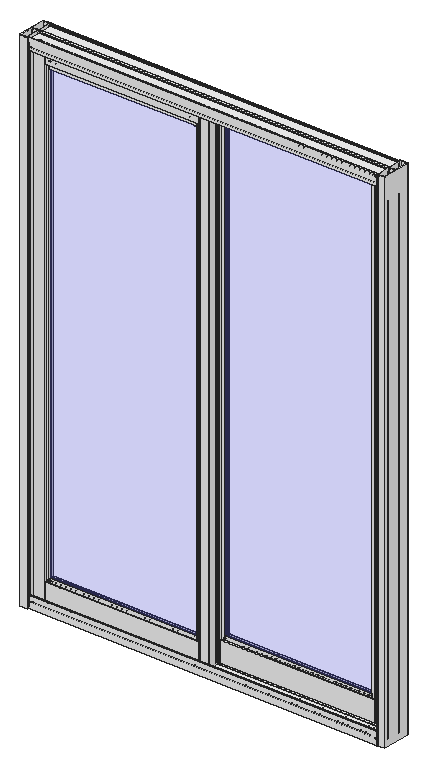
Revit family "Palace_Multi_XO_Custom", category Doors, host Wall, Revit 2014
Parameters (values of type "Palace-XO-Custom")
  Windload Design = if(Custom Windload < 1001 mm, 1000 mm, if(Custom Windload < 1501 mm, 1500 mm, 2000 mm))  # 1000 mm
  Width Sash Right [instance] = 758 mm
  Width Sash Left [instance] = 732 mm
  Width = if(Custom Door Width < Limit Door Width Min, Limit Door Width Min, if(Custom Door Width > Limit Door Width Max, Limit Door Width Max, Custom Door Width))  # 1490 mm
  Wall Thickness [instance] = 200 mm
  URL = "http://www.crealco.co.za/crealco-products.php"
  Model = "Palace"  # constant formula
  Manufacturer = "Crealco"  # constant formula
  Description = "High performance sliding door, XO custom"  # constant formula
  Custom U Value [instance] = 0
  Custom SHGC Value [instance] = 0
  Thickness = 758 mm
  Thermal Resistance (R) [instance] = if(and(Custom U Value > 0.5678, 1 / Custom U Value < 36.9087), Custom U Value, if(not(Custom U Value > 0.5678), 1 / 0.5679, 1 / 36.9086)) * 1.0000 (m²·K)/W  # 1.76087 (m²·K)/W
  Solar Heat Gain Coefficient [instance] = if(and(not(Custom SHGC Value < 0), not(Custom SHGC Value > 1)), Custom SHGC Value, if(Custom U Value < 0, 0, 1))  # 0
  Single Glazing [instance] = not(Double Glazing)  # yes
  Sash Width Right = (Width - (2 * Sash Side Gap) - Sash Width Left) + Sash Interlocker Width  # 732 mm
  Sash Width Left = if(Equal Sash Width, ((Width - (2 * Sash Side Gap)) / 2) + (Sash Interlocker Width / 2), if(Custom Sash Width Left < Limit Sash Width Left Min, Limit Sash Width Left Min, if(Custom Sash Width Left > Limit Sash Width Left Max, Limit Sash Width Left Max, Custom Sash Width Left)))  # 732 mm
  Sash Interlocker Width = 40 mm  # constant formula
  Sash Height = Height - Sash Top Gap - Sash Bottom Gap  # 2031 mm
  Sash Top Gap = 28 mm  # constant formula
  Sash Side Gap = 33 mm  # constant formula
  Sash Frame Seal = 2.7 mm  # constant formula
  Sash Bottom Gap = 31 mm  # constant formula
  Rough Width = 2.5 mm
  Overall Width [instance] = 1490 mm
  Overall Height [instance] = 2090 mm
  Max System DG Unit Thickness = 25 mm  # constant formula
  Max System DG One Piece Thickness = rounddown((Max System DG Unit Thickness - DG Air Gap Thickness) / 2 mm) * 1 mm  # 6 mm
  Max Pane Area = if(Area Right Sash Glazing > Area Left Sash Glazing, Area Right Sash Glazing, Area Left Sash Glazing)  # 1.17309 m²
  Limit Door Width Min = (2 * Limit Sash Width Min) + (2 * Sash Side Gap) - Sash Interlocker Width  # 626 mm
  Limit Door Width Max = 2990 mm  # constant formula
  Limit Door Height Min = Limit Sash Height Min + Sash Bottom Gap + Sash Top Gap  # 359 mm
  Limit Door Height Max = 2390 mm  # constant formula
  Limit Sash Width Min = 300 mm  # constant formula
  Limit Sash Width Max = 1500 mm  # constant formula
  Limit Sash Width Left Min = if(Width - (2 * Sash Side Gap) - Limit Sash Width Max + Sash Interlocker Width < Limit Sash Width Min, Limit Sash Width Min, Width - (2 * Sash Side Gap) - Limit Sash Width Max + Sash Interlocker Width)  # 300 mm
  Limit Sash Width Left Max = if(Width - (2 * Sash Side Gap) - Limit Sash Width Min + Sash Interlocker Width > Limit Sash Width Max, Limit Sash Width Max, Width - (2 * Sash Side Gap) - Limit Sash Width Min + Sash Interlocker Width)  # 1164 mm
  Limit Sash Height Min = 300 mm  # constant formula
  Limit Sash Height Max = 2400 mm  # constant formula
  Interlock Configuration = if(Windload Design = 1000 mm, if(and(not(Width > 1790 mm), not(Height > 2090 mm)), 0 mm, 1 mm), if(Windload Design = 1500 mm, 1 mm, 1 mm))  # 0 mm
  IGDB or SAGDB Number [instance] = 0
  Height Sash [instance] = 2031 mm
  Height = if(Custom Door Height < Limit Door Height Min, Limit Door Height Min, if(Custom Door Height > Limit Door Height Max, Limit Door Height Max, Custom Door Height))  # 2090 mm
  Heat Transfer Coefficient (U) [instance] = if(and(Custom U Value > 0.5678, Custom U Value < 36.9087), Custom U Value, if(not(Custom U Value > 0.5678), 0.5679, 36.9086)) * 1.0000 W/(m²·K)  # 0.5679 W/(m²·K)
  Glazing Thickness DG [instance] = if(IGDB or SAGDB Number = 105003, 6 mm, if(IGDB or SAGDB Number = 105004, 7 mm, if(DG Thickness Calc > Max System DG One Piece Thickness, Max System DG One Piece Thickness, DG Thickness Calc)))  # 6 mm
  Glazing Thickness SG [instance] = if(IGDB or SAGDB Number = 1000016, 5 mm, if(IGDB or SAGDB Number = 100100, 6 mm, if(IGDB or SAGDB Number = 103200, 7 mm, if(not(Max Pane Area > 0.75 m²), 4 mm, if(not(Max Pane Area > 1.50 m²), 4 mm, if(not(Max Pane Area > 2.10 m²), 5 mm, if(not(Max Pane Area > 2.90 m²), 6.4 mm, if(not(Max Pane Area > 4.30 m²), 8 mm, 10 mm))))))))  # 4 mm
  Glazing Material [instance] = if(IGDB or SAGDB Number = 1000016, "PFG TOUGHENED SAFETY GLASS 5mm", if(IGDB or SAGDB Number = 100100, "PFG INTRUDERPRUFE 6.38mm", if(IGDB or SAGDB Number = 103200, "PFG INTRUDERPRUFE LOW-E 7.38mm", if(IGDB or SAGDB Number = 105003, "PFG 25mm INTRUDERPRUFE INSULATED GLASS", if(IGDB or SAGDB Number = 105004, "PFG 25mm INTRUDERPRUFE INSULATED GLASS LOW-E", "Unknown")))))  # "Unknown"
  Glazing Finish [instance] = Glass
  Glazing Code [instance] = if(IGDB or SAGDB Number = 1000016, "TSG5", if(IGDB or SAGDB Number = 100100, "LAM01", if(IGDB or SAGDB Number = 103200, "LAM01E", if(IGDB or SAGDB Number = 105003, "IGU25", if(IGDB or SAGDB Number = 105004, "IGU25E", "Unknown")))))  # "Unknown"
  Frame Thickness = 118 mm  # constant formula
  Frame Offset From Exterior [instance] = if(Centered In Wall, (Wall Thickness - Frame Thickness) / 2, Custom Frame Offset From Exterior)  # 41 mm
  Equal Sash Width = yes
  Double Glazing Gasket Material = Double Glazing Gasket Material
  Double Glazing [instance] = no
  Default Sill Height = 0 mm  # constant formula
  Wall Closure = By host
  DG Thickness Calc = if(not(Max Pane Area > 1.125 m²), 6 mm, if(not(Max Pane Area > 2.25 m²), 6 mm, if(not(Max Pane Area > 3.15 m²), 6 mm, if(not(Max Pane Area > 4.35 m²), 6 mm, if(not(Max Pane Area > 6.45 m²), 8 mm, 10 mm)))))  # 6 mm
  DG Air Gap Thickness = 12 mm  # constant formula
  Custom Door Width = 1490 mm
  Custom Door Height = 2090 mm
  Custom Windload = 1000 mm
  Custom Sash Width Left = 600 mm
  Custom Frame Offset From Exterior = 0 mm
  Centered In Wall = yes
  Area Right Sash Glazing = (Sash Width Right - 65 mm - 45 mm) * (Sash Height - 90 mm - 55 mm)  # 1.17309 m²
  Area Left Sash Glazing = (Sash Width Left - 65 mm - 45 mm) * (Sash Height - 90 mm - 55 mm)  # 1.17309 m²
  Aluminium Finish [instance] = White Powder Coated Aluminium ANP 1052
  All Available Glazing Numbers [instance] = "The rows below list the available glazing materials for this window:"  # constant formula
  105004 [instance] = "IGU25E"  # constant formula
  105003 [instance] = "IGU25"  # constant formula
  103200 [instance] = "LAM01E"  # constant formula
  100100 [instance] = "LAM01"  # constant formula
  1000016 [instance] = "TSG5"  # constant formula
Reference planes
  plane 1 "Center (Front/Back)": y = 0
  plane 2 "Center (Left/Right)": x = 0
  plane 3 "Left": x = -745
  plane 4 "Right": x = 745
  plane 5 "Sill": z = 0
  plane 6 "Head": z = 2090
  plane 7 "Exterior": y = 100
  plane 8 "Interior": y = -100
Lines and regions (mm)
  Opening 1
    outline origin (3500, -100, 0) x (1, 0, 0) y (0, 0, 1)
      loop
        line (-2755, 0) -> (-2755, 2090) -> (-4245, 2090) -> (-4245, 0) -> (-2755, 0)
Text (mm)
  text "EXTERIOR" at (-1963.203, 1332.353, 0), in view "Ref. Level"
  text "INTERIOR" at (-1981.466, -818.386, 0), in view "Ref. Level"
  text "Exterior" at (0, 923.751, 2943.296), in view "Right"
  text "Exterior" at (0, 1040.484, 2685.409), in view "Left"
Dimensions and locks
  equal spacing: plane 3 "Left", plane 2 "Center (Left/Right)", plane 4 "Right"
  "Width": plane 3 "Left" to plane 4 "Right"
  "Height": plane 5 "Sill" to plane 6 "Head"
  "Default Sill Height": plane 5 "Sill" to level
  locked: plane 7 "Exterior" to host wall at 0
  locked: plane 8 "Interior" to host wall
  "Overall Height": plane 6 "Head" to plane 5 "Sill"
  "Overall Width": plane 3 "Left" to plane 4 "Right"
  "Frame Offset From Exterior": nested 1 to plane 7 "Exterior"
  "Sash Side Gap": plane 3 "Left" to nested 2
  "Sash Frame Seal": nested 2 to nested 1
  "Sash Top Gap": nested 2 to plane 6 "Head"
  "Sash Side Gap": nested 3 to plane 4 "Right"
  "Sash Frame Seal": nested 1 to nested 3
  "Sash Top Gap": nested 3 to plane 6 "Head"
  "Height Sash": nested 3 to nested 3
  "Width Sash Left": nested 3 to nested 3
  "Sash Width Right": nested 2 to nested 2
  aligned and locked: plane 6 "Head" to nested 1
  aligned and locked: plane 3 "Left" to nested 1
Automatic sketch dimensions
  plane 3 "Left" to Opening 1 sketch curve = 0 mm
  plane 4 "Right" to Opening 1 sketch curve = 0 mm
  Opening 1 sketch curve to plane 5 "Sill" = 0 mm
  Opening 1 sketch curve to plane 6 "Head" = 0 mm
Nested families
  nested 1: "Palace_Frame_Palace_XO_Cust" at (-753.868, -56.684, -7.5), Profile Material <- "Aluminium Finish", Width <- "Width", Height <- "Height", type "Palace_Frame_Palace_XO_Cust"
    with Width 1490 mm, Profile Material White Powder Coated Aluminium ANP 1052, Length Jamb Adaptor 1995 mm, Length Jamb 2090 mm, Length Head & Sill 1430 mm, Length Floor Track 1430 mm, Height 2090 mm
  nested 2: "Palace_Sash_Fixed_Palace_XO_Cust" at (20, -5.504, 31), Profile Material <- "Aluminium Finish", Glazing Material <- "Glazing Finish", Double Glazing Gasket Material <- "Double Glazing Gasket Material", Interlock Configuration <- "Interlock Configuration", Sash Width <- "Sash Width Right", Sash Height <- "Sash Height", Glazing Thickness DG <- "Glazing Thickness DG", Glazing Thickness SG <- "Glazing Thickness SG", DG Gasket Thickness <- "DG Air Gap Thickness", Double Glazing <- "Double Glazing", type "Palace_Sash_Fixed_Palace_XO_Cust"
    with Standard Interlocker yes, Single Glazing yes, Sash Width 732 mm, Sash Height 2031 mm, SG Exterior Offset 27.85 mm, Right Sliding no, Profile Material White Powder Coated Aluminium ANP 1052, Length Sash Head & Sill 632 mm, Length Jamb 2031 mm, Left Sliding no, Is Sliding no, Interlock Configuration 0 mm, Heavy Duty Interlock no, Glazing Width 622 mm, Glazing Thickness SG 4 mm, Glazing Thickness DG 6 mm, Glazing Material Glass, Glazing Height 1886 mm, Double Glazing Gasket Material Double Glazing Gasket Material, Double Glazing no, DG Gasket Thickness 12 mm, DG Exterior Offset 9.9 mm, Bead Width 632 mm, Bead Height 1896 mm
  nested 3: "Palace_Sash_Sliding_Palace_XO_Cust" at (-20, 49.5, 31) x (-1, 0, 0) z (0, 0, 1), Profile Material <- "Aluminium Finish", Glazing Material <- "Glazing Finish", Double Glazing Gasket Material <- "Double Glazing Gasket Material", Interlock Configuration <- "Interlock Configuration", Sash Width <- "Sash Width Left", Sash Height <- "Sash Height", Glazing Thickness DG <- "Glazing Thickness DG", Glazing Thickness SG <- "Glazing Thickness SG", DG Gasket Thickness <- "DG Air Gap Thickness", Double Glazing <- "Double Glazing", type "Palace_Sash_Sliding_Palace_XO_Cust"
    with Standard Interlocker yes, Single Glazing yes, Sash Width 732 mm, Sash Height 2031 mm, SG Exterior Offset 27.85 mm, Right Sliding yes, Profile Material White Powder Coated Aluminium ANP 1052, Length Sash Head & Sill 632 mm, Length Jamb & Interlocker 2031 mm, Left Sliding no, Is Sliding yes, Interlock Configuration 0 mm, Heavy Duty Interlock no, Glazing Width 622 mm, Glazing Thickness SG 4 mm, Glazing Thickness DG 6 mm, Glazing Material Glass, Glazing Height 1886 mm, Double Glazing Gasket Material Double Glazing Gasket Material, Double Glazing no, DG Gasket Thickness 12 mm, DG Exterior Offset 9.9 mm, Bead Width 632 mm, Bead Height 1896 mm
  nested 4: "Single_Glazing_Palace_XO_Cust" at (-647, -37.354, 121) x (-1, 0, 0) z (0, 0, 1), type "Single_Glazing_Palace_XO_Cust"
    with Right Sliding no, Length Arrow Tip 52.667 mm, Length Arrow 173.8 mm, Left Sliding no, Is Sliding no, Glazing Width 622 mm, Glazing Thickness SG 4 mm, Glazing Material Glass, Glazing Height 1886 mm, Double Glazing Gasket Material Double Glazing Gasket Material, Arrow Tip Length 52.667 mm, Arrow Left Gap 224.1 mm, Arrow Bottom Gap 943 mm
  nested 5: "Single_Glazing_Palace_XO_Cust" at (647, 17.65, 121), type "Single_Glazing_Palace_XO_Cust"
    with Right Sliding yes, Length Arrow Tip 52.667 mm, Length Arrow 173.8 mm, Left Sliding no, Is Sliding yes, Glazing Width 622 mm, Glazing Thickness SG 4 mm, Glazing Material Glass, Glazing Height 1886 mm, Double Glazing Gasket Material Double Glazing Gasket Material, Arrow Tip Length 52.667 mm, Arrow Left Gap 224.1 mm, Arrow Bottom Gap 943 mm
Definition of nested family "Palace_Frame_Palace_XO_Cust"
  Parameters (values of type "Palace_Frame_XO")
    Width [instance] = 900 mm
    Profile Material [instance] = none
    Length Jamb Adaptor [instance] = Height - Jamb Adaptor Top Gap - Jamb Adaptor Bottom Gap  # 505 mm
    Length Jamb [instance] = Height  # 600 mm
    Length Head & Sill [instance] = Width - (2 * Jamb Thickness)  # 840 mm
    Length Floor Track [instance] = Width - (2 * Jamb Thickness)  # 840 mm
    Jamb Thickness = 30 mm  # constant formula
    Jamb Adaptor Top Gap = 45 mm  # constant formula
    Jamb Adaptor Bottom Gap = 50 mm  # constant formula
    Height [instance] = 600 mm
  Reference planes
    plane 1 "Center (Front/Back)": y = 0
    plane 2: z = 0
    plane 3 "Center (Left/Right)": x = 0
  Dimensions and locks
    nested 7 to plane 3 "Center (Left/Right)" = 38.869 mm
    aligned and locked: level to plane 2
    aligned and locked: nested 6 to nested 2  (x2)
    aligned and locked: nested 5 to nested 1  (x2)
    aligned and locked: nested 3 to nested 1  (x2)
    aligned and locked: nested 2 to nested 3  (x2)
    aligned and locked: nested 3 to nested 2
    aligned and locked: nested 4 to nested 1  (x3)
    aligned and locked: nested 1 to nested 3
    aligned and locked: nested 7 to nested 3  (x2)
    aligned and locked: nested 3 to nested 8
    aligned and locked: nested 8 to nested 3  (x2)
    aligned and locked: nested 3 to nested 7
    aligned and locked: nested 5 to nested 4
    aligned and locked: nested 6 to nested 4
  Nested families
    nested 1: "Palace_Double_Box_Jamb" at (1.053, -8.811, 7.5), Length Jamb <- "Length Jamb", Profile Material <- "Profile Material", type "Palace_Double_Box_Jamb"
      with Profile Material none, Length Jamb 600 mm
    nested 2: "Palace_Double_Box_Jamb" at (916.684, -8.811, 7.5) x (-1, 0, 0) z (0, 0, 1), Length Jamb <- "Length Jamb", Profile Material <- "Profile Material", type "Palace_Double_Box_Jamb"
      with Profile Material none, Length Jamb 600 mm
    nested 3: "Palace_Double_Sill_Rail" at (38.869, -45.047, -36.227), Length Sill <- "Length Head & Sill", Profile Material <- "Profile Material", type "Palace_Double_Sill_Rail"
      with Profile Material none, Length Sill 840 mm
    nested 4: "Palace_Double_Head_Rail" at (38.869, -51.007, 18.108), Length Head <- "Length Head & Sill", Profile Material <- "Profile Material", type "Palace_Double_Head_Rail"
      with Profile Material none, Length Head 840 mm
    nested 5: "Palace_Jamb_Adpator" at (33.82, -10.517, 57.5), Length Jamb Adaptor <- "Length Jamb Adaptor", Profile Material <- "Profile Material", type "Palace_Jamb_Adpator"
      with Profile Material none, Length Jamb Adaptor 505 mm
    nested 6: "Palace_Jamb_Adpator" at (883.918, 44.483, 57.5) x (-1, 0, 0) z (0, 0, 1), Length Jamb Adaptor <- "Length Jamb Adaptor", Profile Material <- "Profile Material", type "Palace_Jamb_Adpator"
      with Profile Material none, Length Jamb Adaptor 505 mm
    nested 7: "Palace_Floor_Track" at (38.869, 11.493, 18.85), Profile Material <- "Profile Material", Length Floor Track <- "Length Floor Track", type "Palace_Floor_Track"
      with Profile Material none, Length Floor Track 840 mm
    nested 8: "Palace_Floor_Track" at (38.869, 101.375, 18.85), Profile Material <- "Profile Material", Length Floor Track <- "Length Floor Track", type "Palace_Floor_Track"
      with Profile Material none, Length Floor Track 840 mm
  Definition of nested family "Palace_Double_Box_Jamb"
    Parameters (values of type "Palace_Double_Box_Jamb")
      Profile Material [instance] = none
      Length Jamb [instance] = 250 mm
    Reference planes
      plane 1 "Center (Front/Back)": y = 0
      plane 2: z = 0
      plane 3 "Center (Left/Right)": x = 0
    Forms (mm)
      Extrusion 1, solid, material <- "Profile Material"
        sketch origin (0, 0, 0) x (1, 0, 0) y (0, 1, 0)
          loop
            line (35.815, 71.242) -> (35.815, 114.749)
            arc (35.815, 114.749) -> (35.945, 115.42) -> (36.315, 115.994) r 1.8
            line (36.315, 115.994) -> (36.315, 122.995) -> (9.315, 122.995) -> (9.315, 66.195) -> (36.315, 66.195) -> (36.315, 69.997)
            arc (36.315, 69.997) -> (35.945, 70.571) -> (35.815, 71.242) r 1.8
          loop
            line (8.815, 6.495) -> (38.815, 6.495) -> (38.815, 7.495) -> (37.816, 7.495) -> (37.816, 15.287) -> (37.315, 16.242) -> (37.315, 59.822) -> (37.815, 60.775) -> (37.815, 70.288) -> (37.315, 71.242) -> (37.315, 114.822) -> (37.815, 115.775) -> (37.815, 123.495) -> (38.815, 123.495) -> (38.815, 124.495) -> (8.815, 124.495)
            arc (8.815, 124.495) -> (8.108, 124.202) -> (7.815, 123.495) r 1
            line (7.815, 123.495) -> (7.815, 7.495)
            arc (7.815, 7.495) -> (8.108, 6.788) -> (8.815, 6.495) r 1
          loop
            line (36.315, 60.994) -> (36.315, 64.795) -> (9.315, 64.795) -> (9.315, 7.995) -> (36.317, 7.995) -> (36.317, 14.995)
            arc (36.317, 14.995) -> (35.945, 15.569) -> (35.815, 16.242) r 1.8
            line (35.815, 16.242) -> (35.815, 59.749)
            arc (35.815, 59.749) -> (35.945, 60.42) -> (36.315, 60.994) r 1.8
        from 0 to 250 <- "Length Jamb"
    Dimensions and locks
      aligned and locked: level to plane 2
  Definition of nested family "Palace_Double_Sill_Rail"
    Parameters (values of type "Palace_Double_Sill_Rail")
      Profile Material [instance] = none
      Length Sill [instance] = 250 mm
    Reference planes
      plane 1 "Center (Front/Back)": y = 0
      plane 2: z = 0
      plane 3 "Center (Left/Right)": x = 0
    Forms (mm)
      Extrusion 1, solid, material <- "Profile Material"
        sketch origin (0, 0, 0) x (0, 1, 0) y (0, 0, 1)
          loop
            arc (48.531, 91.477) -> (49.031, 90.977) -> (49.531, 91.477) r 0.5
            line (49.531, 91.477) -> (49.531, 93.727) -> (43.731, 93.727) -> (43.731, 43.727) -> (49.531, 43.727) -> (49.531, 45.127) -> (45.531, 45.127) -> (45.531, 64.882)
            arc (45.531, 64.882) -> (45.842, 65.607) -> (46.583, 65.88) r 1
            line (46.583, 65.88) -> (57.096, 65.329)
            arc (57.096, 65.329) -> (58.577, 64.647) -> (59.181, 63.132) r 2.2
            line (59.181, 63.132) -> (59.181, 60.472)
            arc (59.181, 60.472) -> (59.796, 58.987) -> (61.281, 58.372) r 2.1
            line (61.281, 58.372) -> (83.695, 58.372)
            arc (83.695, 58.372) -> (84.71, 57.86) -> (85.831, 57.672) r 3.787
            line (85.831, 57.672) -> (87.581, 57.672)
            arc (87.581, 57.672) -> (89.961, 58.613) -> (91.165, 60.872) r 3.711
            line (91.165, 60.872) -> (100.931, 60.872) -> (100.931, 45.137) -> (98.931, 45.137) -> (98.931, 43.737) -> (104.531, 43.737) -> (104.531, 45.137) -> (102.531, 45.137) -> (102.531, 60.872) -> (114.181, 60.872) -> (114.181, 58.372) -> (138.695, 58.372)
            arc (138.695, 58.372) -> (139.71, 57.86) -> (140.831, 57.672) r 3.787
            line (140.831, 57.672) -> (142.581, 57.672)
            arc (142.581, 57.672) -> (144.881, 58.544) -> (146.13, 60.663) r 3.711
            line (146.13, 60.663) -> (157.931, 60.045) -> (157.931, 45.127) -> (153.931, 45.127) -> (153.931, 43.727) -> (159.731, 43.727) -> (159.731, 59.57)
            arc (159.731, 59.57) -> (159.099, 61.154) -> (157.551, 61.867) r 2.3
            line (157.551, 61.867) -> (142.481, 62.657) -> (142.481, 61.672) -> (144.38, 61.337)
            arc (144.38, 61.337) -> (143.876, 60.022) -> (142.581, 59.472) r 1.8
            line (142.581, 59.472) -> (140.831, 59.472)
            arc (140.831, 59.472) -> (140.037, 59.656) -> (139.406, 60.172) r 1.8
            line (139.406, 60.172) -> (115.981, 60.172) -> (115.981, 62.672) -> (87.481, 62.672) -> (87.481, 61.672) -> (89.38, 61.337)
            arc (89.38, 61.337) -> (88.876, 60.022) -> (87.581, 59.472) r 1.8
            line (87.581, 59.472) -> (85.831, 59.472)
            arc (85.831, 59.472) -> (85.037, 59.656) -> (84.406, 60.172) r 1.8
            line (84.406, 60.172) -> (60.981, 60.172) -> (60.981, 63.132)
            arc (60.981, 63.132) -> (59.882, 65.886) -> (57.19, 67.127) r 4
            line (57.19, 67.127) -> (46.478, 67.688)
            arc (46.478, 67.688) -> (45.805, 67.999) -> (45.531, 68.687) r 1
            line (45.531, 68.687) -> (45.531, 83.727) -> (49.531, 83.727) -> (49.531, 85.977)
            arc (49.531, 85.977) -> (49.031, 86.477) -> (48.531, 85.977) r 0.5
            line (48.531, 85.977) -> (48.531, 84.977) -> (47.331, 84.977) -> (47.331, 86.477) -> (45.731, 86.477) -> (45.731, 90.977) -> (47.331, 90.977) -> (47.331, 92.477) -> (48.531, 92.477) -> (48.531, 91.477)
        from 0 to 250 <- "Length Sill"
    Dimensions and locks
      aligned and locked: level to plane 2
  Definition of nested family "Palace_Double_Head_Rail"
    Parameters (values of type "Palace_Double_Head_Rail")
      Profile Material [instance] = none
      Length Head [instance] = 250 mm
    Reference planes
      plane 1 "Center (Front/Back)": y = 0
      plane 2: z = 0
      plane 3 "Center (Left/Right)": x = 0
    Forms (mm)
      Extrusion 1, solid, material <- "Profile Material"
        sketch origin (0, 0, 0) x (0, 1, 0) y (0, 0, 1)
          loop
            arc (51.891, 581.192) -> (51.467, 581.368) -> (51.291, 581.792) r 0.6
            line (51.291, 581.792) -> (51.291, 587.392)
            arc (51.291, 587.392) -> (51.467, 587.816) -> (51.891, 587.992) r 0.6
            line (51.891, 587.992) -> (55.491, 587.992) -> (55.491, 589.392) -> (49.691, 589.392) -> (49.691, 544.392) -> (55.491, 544.392) -> (55.491, 546.642)
            arc (55.491, 546.642) -> (54.991, 547.142) -> (54.491, 546.642) r 0.5
            line (54.491, 546.642) -> (54.491, 545.642) -> (53.291, 545.642) -> (53.291, 547.142) -> (51.691, 547.142) -> (51.691, 551.642) -> (53.291, 551.642) -> (53.291, 553.142) -> (54.491, 553.142) -> (54.491, 552.142)
            arc (54.491, 552.142) -> (54.991, 551.642) -> (55.491, 552.142) r 0.5
            line (55.491, 552.142) -> (55.491, 554.392) -> (51.491, 554.392) -> (51.491, 579.392) -> (106.791, 579.392) -> (106.791, 554.392) -> (104.891, 554.392) -> (104.891, 552.142)
            arc (104.891, 552.142) -> (105.391, 551.642) -> (105.891, 552.142) r 0.5
            line (105.891, 552.142) -> (105.891, 553.142) -> (107.091, 553.142) -> (107.091, 545.642) -> (105.891, 545.642) -> (105.891, 546.642)
            arc (105.891, 546.642) -> (105.391, 547.142) -> (104.891, 546.642) r 0.5
            line (104.891, 546.642) -> (104.891, 544.392) -> (110.491, 544.392) -> (110.491, 546.642)
            arc (110.491, 546.642) -> (109.991, 547.142) -> (109.491, 546.642) r 0.5
            line (109.491, 546.642) -> (109.491, 545.642) -> (108.291, 545.642) -> (108.291, 553.142) -> (109.491, 553.142) -> (109.491, 552.142)
            arc (109.491, 552.142) -> (109.991, 551.642) -> (110.491, 552.142) r 0.5
            line (110.491, 552.142) -> (110.491, 554.392) -> (108.591, 554.392) -> (108.591, 579.392) -> (163.891, 579.392) -> (163.891, 554.392) -> (159.891, 554.392) -> (159.891, 552.142)
            arc (159.891, 552.142) -> (160.391, 551.642) -> (160.891, 552.142) r 0.5
            line (160.891, 552.142) -> (160.891, 553.142) -> (162.091, 553.142) -> (162.091, 551.642) -> (163.691, 551.642) -> (163.691, 547.142) -> (162.091, 547.142) -> (162.091, 545.642) -> (160.891, 545.642) -> (160.891, 546.642)
            arc (160.891, 546.642) -> (160.391, 547.142) -> (159.891, 546.642) r 0.5
            line (159.891, 546.642) -> (159.891, 544.392) -> (165.691, 544.392) -> (165.691, 589.392) -> (159.891, 589.392) -> (159.891, 587.992) -> (163.491, 587.992)
            arc (163.491, 587.992) -> (163.915, 587.816) -> (164.091, 587.392) r 0.6
            line (164.091, 587.392) -> (164.091, 581.792)
            arc (164.091, 581.792) -> (163.915, 581.368) -> (163.491, 581.192) r 0.6
            line (163.491, 581.192) -> (108.491, 581.192) -> (108.491, 587.992) -> (110.491, 587.992) -> (110.491, 589.392) -> (104.891, 589.392) -> (104.891, 587.992) -> (106.891, 587.992) -> (106.891, 581.192) -> (51.891, 581.192)
        from 0 to 250 <- "Length Head"
    Dimensions and locks
      aligned and locked: level to plane 2
  Definition of nested family "Palace_Jamb_Adpator"
    Parameters (values of type "Palace_Jamb_Adpator")
      Profile Material [instance] = none
      Length Jamb Adaptor [instance] = 250 mm
    Reference planes
      plane 1 "Center (Front/Back)": y = 0
      plane 2: z = 0
      plane 3 "Center (Left/Right)": x = 0
    Forms (mm)
      Extrusion 1, solid, material <- "Profile Material"
        sketch origin (0, 0, 0) x (1, 0, 0) y (0, 1, 0)
          loop
            line (12.699, 15.001) -> (10.449, 15.001) -> (10.449, 10.801) -> (6.449, 10.801) -> (6.449, 68.601) -> (10.449, 68.601) -> (10.449, 64.401) -> (12.699, 64.401)
            arc (12.699, 64.401) -> (13.199, 64.901) -> (12.699, 65.401) r 0.5
            line (12.699, 65.401) -> (11.699, 65.401) -> (11.699, 66.601) -> (13.199, 66.601) -> (13.199, 68.201) -> (17.699, 68.201) -> (17.699, 66.601) -> (19.199, 66.601) -> (19.199, 65.401) -> (18.199, 65.401)
            arc (18.199, 65.401) -> (17.699, 64.901) -> (18.199, 64.401) r 0.5
            line (18.199, 64.401) -> (20.449, 64.401) -> (20.449, 70.201) -> (5.049, 70.201) -> (5.049, 62.201) -> (4.589, 61.255) -> (4.589, 17.997) -> (5.049, 17.201) -> (5.049, 9.201) -> (20.449, 9.201) -> (20.449, 15.001) -> (18.199, 15.001)
            arc (18.199, 15.001) -> (17.699, 14.501) -> (18.199, 14.001) r 0.5
            line (18.199, 14.001) -> (19.199, 14.001) -> (19.199, 12.801) -> (17.699, 12.801) -> (17.699, 11.201) -> (13.199, 11.201) -> (13.199, 12.801) -> (11.699, 12.801) -> (11.699, 14.001) -> (12.699, 14.001)
            arc (12.699, 14.001) -> (13.199, 14.501) -> (12.699, 15.001) r 0.5
        from 0 to 250 <- "Length Jamb Adaptor"
    Lines and regions (mm)
      Filled region 1, type "W31590.dwg-1", in view "Ref. Level"
        outline origin (0, 0, 0) x (1, 0, 0) y (0, 1, 0)
          loop
            line (1485.097, 203.54) -> (1485.514, 201.04) -> (1485.931, 203.54) -> (1485.097, 203.54)
      Filled region 2, type "W31590.dwg-1", in view "Ref. Level"
        outline origin (0, 0, 0) x (1, 0, 0) y (0, 1, 0)
          loop
            line (1485.097, 213.94) -> (1485.931, 213.94) -> (1485.514, 216.44) -> (1485.097, 213.94)
      Filled region 3, type "W31590.dwg-1", in view "Ref. Level"
        outline origin (0, 0, 0) x (1, 0, 0) y (0, 1, 0)
          loop
            line (1498.155, 225.975) -> (1495.655, 225.559) -> (1498.155, 225.142) -> (1498.155, 225.975)
      Filled region 4, type "W31590.dwg-1", in view "Ref. Level"
        outline origin (0, 0, 0) x (1, 0, 0) y (0, 1, 0)
          loop
            line (1554.155, 225.975) -> (1554.155, 225.142) -> (1556.655, 225.559) -> (1554.155, 225.975)
    Text (mm)
      text "15.40" at (1483.014, 228.748, 0), in view "Ref. Level"
      text "61.00" at (1526.155, 228.059, 0), in view "Ref. Level"
    Dimensions and locks
      aligned and locked: level to plane 2
  Definition of nested family "Palace_Floor_Track"
    Parameters (values of type "Palace_Floor_Track")
      Profile Material [instance] = none
      Length Floor Track [instance] = 250 mm
    Reference planes
      plane 1 "Center (Front/Back)": y = 0
      plane 2: z = 0
      plane 3 "Center (Left/Right)": x = 0
    Forms (mm)
      Extrusion 1, solid, material <- "Profile Material"
        sketch origin (0, 0, 0) x (0, 1, 0) y (0, 0, 1)
          loop
            line (14.691, 12.348) -> (14.691, 7.595) -> (4.441, 7.595) -> (4.441, 5.095) -> (30.441, 5.095) -> (30.441, 7.595) -> (20.191, 7.595) -> (20.191, 12.348)
            arc (20.191, 12.348) -> (17.441, 15.098) -> (14.691, 12.348) r 2.75
        from 0 to 250 <- "Length Floor Track"
    Dimensions and locks
      aligned and locked: level to plane 2
Definition of nested family "Palace_Sash_Fixed_Palace_XO_Cust"
  Parameters (values of type "Palace_Sash_Fixed")
    Standard Interlocker [instance] = if(Interlock Configuration = 0 mm, 1 = 1, 1 = 0)  # no
    Single Glazing [instance] = not(Double Glazing)  # yes
    Sill Height = 85 mm
    SG Exterior Offset [instance] = Back Glazing Pillar Gap - SG Available Space + ((SG Available Space - Glazing Thickness SG) / 2)  # 27.85 mm
    SG Available Space = 12.9 mm  # constant formula
    Length Jamb [instance] = Sash Height  # 900 mm
    Jamb Width = 60 mm  # constant formula
    Heavy Duty Interlock [instance] = if(or(Interlock Configuration = 1 mm, Interlock Configuration = 2 mm), 1 = 1, 1 = 0)  # yes
    Interlocker Width = 40 mm  # constant formula
    Interlock Configuration [instance] = 1 mm
    Sash Width [instance] = 900 mm
    Sash Height [instance] = 900 mm
    Right Sliding [instance] = yes
    Profile Material [instance] = White Powder Coated Aluminium ANP 1052
    Length Sash Head & Sill [instance] = Sash Width - Interlocker Width - Jamb Width  # 800 mm
    Left Sliding [instance] = yes
    Is Sliding [instance] = if(or(Right Sliding, Left Sliding), 1 = 1, 1 = 2)  # yes
    Head Height = 50 mm  # constant formula
    Glazing Width [instance] = Sash Width - Glazing Jamb Gap - Glazing Interlocker Gap  # 790 mm
    Glazing Thickness DG [instance] = 3 mm
    Glazing Thickness SG [instance] = 4 mm
    Glazing Spacer = 5 mm  # constant formula
    Glazing Sill Gap = Sill Height + Glazing Spacer  # 90 mm
    Glazing Material [instance] = Glass
    Glazing Jamb Gap = Jamb Width + Glazing Spacer  # 65 mm
    Glazing Interlocker Gap = Interlocker Width + Glazing Spacer  # 45 mm
    Glazing Height [instance] = Sash Height - Glazing Head Gap - Glazing Sill Gap  # 755 mm
    Glazing Head Gap = Head Height + Glazing Spacer  # 55 mm
    DG Gasket Thickness [instance] = 12 mm
    Double Glazing Gasket Material [instance] = none
    Double Glazing [instance] = no
    DG Exterior Offset [instance] = Back Glazing Pillar Gap - DG Available Space + ((DG Available Space - ((Glazing Thickness DG * 2) + DG Gasket Thickness)) / 2)  # 12.9 mm
    DG Available Space = 28.8 mm  # constant formula
    Bead Width [instance] = Sash Width - Interlocker Width - Jamb Width  # 800 mm
    Bead Height [instance] = Sash Height - Sill Height - Head Height  # 765 mm
    Bead Gap From Exterior = 10.4 mm  # constant formula
    Back Glazing Pillar Gap = 36.3 mm  # constant formula
  Reference planes
    plane 1 "Center (Front/Back)": y = 0
    plane 2: z = 0
    plane 3 "Center (Left/Right)": x = 0
  Dimensions and locks
    "Interlocker Width": nested 3 to plane 3 "Center (Left/Right)"
    "Interlocker Width": nested 4 to plane 3 "Center (Left/Right)"
    "Sash Height": nested 4 to level
    "Interlocker Width": nested 5 to plane 3 "Center (Left/Right)"
    "Sill Height": nested 5 to level
    "Bead Gap From Exterior": nested 5 to plane 1 "Center (Front/Back)"
    "Interlocker Width": nested 6 to plane 3 "Center (Left/Right)"
    "Bead Gap From Exterior": nested 6 to plane 1 "Center (Front/Back)"
    "Sill Height": nested 6 to level
    "Glazing Interlocker Gap": nested 7 to plane 3 "Center (Left/Right)"
    "Glazing Sill Gap": nested 7 to level
    "SG Exterior Offset": nested 7 to plane 1 "Center (Front/Back)"
    "Glazing Interlocker Gap": nested 8 to plane 3 "Center (Left/Right)"
    "DG Exterior Offset": nested 8 to plane 1 "Center (Front/Back)"
    "Glazing Sill Gap": nested 8 to level
    "Sash Width": nested 2 to plane 3 "Center (Left/Right)"
    aligned and locked: level to plane 2
    aligned and locked: nested 1 to plane 1 "Center (Front/Back)"
    aligned and locked: plane 3 "Center (Left/Right)" to nested 1
    aligned and locked: nested 2 to plane 1 "Center (Front/Back)"
    aligned and locked: nested 2 to level
    aligned and locked: nested 1 to level
    aligned and locked: nested 3 to plane 1 "Center (Front/Back)"
    aligned and locked: nested 4 to plane 1 "Center (Front/Back)"
    aligned and locked: nested 3 to level
    aligned and locked: nested 9 to plane 1 "Center (Front/Back)"
    aligned and locked: plane 3 "Center (Left/Right)" to nested 9
    aligned and locked: nested 9 to level
  Nested families
    nested 1: "Palace_Fixed_Interlocker" at (-70.171, -62.024, 0), Profile Material <- "Profile Material", Length Interlocker <- "Length Jamb", visible <- "Standard Interlocker", type "Palace_Fixed_Interlocker"
      with Profile Material White Powder Coated Aluminium ANP 1052, Length Interlocker 900 mm
    nested 2: "Palace_Sash_Jamb" at (-904.68, 15.626, 0) x (0, -1, 0) z (0, 0, 1), Profile Material <- "Profile Material", Length Jamb <- "Length Jamb", type "Palace_Sash_Jamb"
      with Profile Material White Powder Coated Aluminium ANP 1052, Length Jamb 900 mm
    nested 3: "Palace_Sash_Sill" at (-840, -51.791, -7.573), Profile Material <- "Profile Material", Length Sill <- "Length Sash Head & Sill", type "Palace_Sash_Sill"
      with Profile Material White Powder Coated Aluminium ANP 1052, Length Sill 800 mm
    nested 4: "Palace_Sash_Head" at (-840, -69.85, 642.265), Length Head <- "Length Sash Head & Sill", Profile Material <- "Profile Material", type "Palace_Sash_Head"
      with Profile Material White Powder Coated Aluminium ANP 1052, Length Head 800 mm
    nested 5: "Palace_Angled_Glazing_Bead" at (-40, -23.399, 85) x (-1, 0, 0) z (0, 0, 1), Bead Width <- "Bead Width", Bead Height <- "Bead Height", Profile Material <- "Profile Material", visible <- "Single Glazing", type "Palace_Angled_Glazing_Bead"
      with Profile Material White Powder Coated Aluminium ANP 1052, Bead Width 800 mm, Bead Height 765 mm
    nested 6: "Palace_Double_Glazing_Bead" at (-40, -26.3, 85) x (-1, 0, 0) z (0, 0, 1), Bead Width <- "Bead Width", Bead Height <- "Bead Height", Profile Material <- "Profile Material", visible <- "Double Glazing", type "Palace_Double_Glazing_Bead"
      with Profile Material White Powder Coated Aluminium ANP 1052, Bead Width 800 mm, Bead Height 765 mm
    nested 7: "Single_Glazing_Palace_XO_Cust" at (-835, -31.85, 90) x (-1, 0, 0) z (0, 0, 1), Right Sliding <- "Right Sliding", Left Sliding <- "Left Sliding", Glazing Width <- "Glazing Width", Glazing Height <- "Glazing Height", Double Glazing Gasket Material <- "Double Glazing Gasket Material", Glazing Material <- "Glazing Material", Glazing Thickness SG <- "Glazing Thickness SG", visible <- "Single Glazing", type "Single_Glazing_Palace_XO_Cust"
      with Right Sliding yes, Length Arrow Tip 69.636 mm, Length Arrow 229.8 mm, Left Sliding yes, Is Sliding yes, Glazing Width 790 mm, Glazing Thickness SG 4 mm, Glazing Material Glass, Glazing Height 755 mm, Double Glazing Gasket Material none, Arrow Tip Length 69.636 mm, Arrow Left Gap 280.1 mm, Arrow Bottom Gap 377.5 mm
    nested 8: "Double_Glazing_Palace_XO_Cust" at (-835, -30.9, 90) x (-1, 0, 0) z (0, 0, 1), Glazing Width <- "Glazing Width", Glazing Height <- "Glazing Height", Glazing Material <- "Glazing Material", Double Glazing Gasket Material <- "Double Glazing Gasket Material", Double Glazing Gasket Thickness <- "DG Gasket Thickness", Glazing Thickness DG <- "Glazing Thickness DG", visible <- "Double Glazing", Right Sliding <- "Right Sliding", Left Sliding <- "Left Sliding", type "Double_Glazing_Palace_XO_Cust"
      with Right Sliding yes, Length Arrow Tip 69.636 mm, Length Arrow 229.8 mm, Left Sliding yes, Is Sliding yes, Glazing Width 790 mm, Glazing Thickness DG 3 mm, Glazing Material Glass, Glazing Height 755 mm, Double Glazing Gasket Thickness 12 mm, Double Glazing Gasket Material none, Arrow Tip Length 69.636 mm, Arrow Left Gap 280.1 mm, Arrow Bottom Gap 377.5 mm
    nested 9: "Palace_Heavy_Duty_Fixed_Interlocker" at (-63.697, -103.267, 0), Length Interlocker <- "Length Jamb", visible <- "Heavy Duty Interlock", type "Palace_Heavy_Duty_Fixed_Interlocker"
      with Length Interlocker 900 mm
  Definition of nested family "Palace_Fixed_Interlocker"
    Parameters (values of type "Palace_Fixed_Interlocker")
      Profile Material [instance] = none
      Length Interlocker [instance] = 250 mm
    Reference planes
      plane 1 "Center (Front/Back)": y = 0
      plane 2: z = 0
      plane 3 "Center (Left/Right)": x = 0
    Forms (mm)
      Extrusion 1, solid, material <- "Profile Material"
        sketch origin (0, 0, 0) x (1, 0, 0) y (0, 1, 0)
          loop
            line (67.671, 64.71) -> (67.671, 62.024) -> (30.171, 62.024) -> (30.171, 52.332)
            arc (30.171, 52.332) -> (30.649, 51.833) -> (31.169, 52.289) r 0.5
            line (31.169, 52.289) -> (31.277, 53.524) -> (32.771, 53.524) -> (32.771, 35.024) -> (31.408, 35.024) -> (31.169, 37.759)
            arc (31.169, 37.759) -> (30.649, 38.214) -> (30.171, 37.715) r 0.5
            line (30.171, 37.715) -> (30.171, 24.824) -> (19.271, 24.824) -> (18.571, 24.424) -> (16.371, 24.424) -> (16.371, 25.724) -> (15.171, 25.724) -> (15.171, 23.024) -> (30.171, 23.024) -> (30.171, 18.024) -> (68.371, 18.024)
            arc (68.371, 18.024) -> (69.643, 18.551) -> (70.171, 19.824) r 1.8
            line (70.171, 19.824) -> (70.171, 62.024) -> (70.171, 69.324)
            arc (70.171, 69.324) -> (69.731, 70.384) -> (68.671, 70.824) r 1.5
            line (68.671, 70.824) -> (67.171, 70.824)
            arc (67.171, 70.824) -> (66.671, 70.324) -> (67.171, 69.824) r 0.5
            line (67.171, 69.824) -> (67.971, 69.824) -> (67.971, 68.624) -> (60.871, 68.624) -> (60.871, 69.824) -> (61.671, 69.824)
            arc (61.671, 69.824) -> (62.171, 70.324) -> (61.671, 70.824) r 0.5
            line (61.671, 70.824) -> (58.671, 70.824) -> (58.071, 70.324) -> (48.771, 70.324)
            arc (48.771, 70.324) -> (48.172, 69.766) -> (48.687, 69.13) r 0.6
            line (48.687, 69.13) -> (65.95, 66.691)
            arc (65.95, 66.691) -> (67.181, 66.022) -> (67.671, 64.71) r 2
          loop
            line (33.171, 33.224) -> (31.971, 33.224) -> (31.971, 19.824) -> (68.371, 19.824) -> (68.371, 60.024) -> (31.971, 60.024) -> (31.971, 55.324) -> (33.171, 55.324)
            arc (33.171, 55.324) -> (34.161, 54.914) -> (34.571, 53.924) r 1.4
            line (34.571, 53.924) -> (34.571, 34.624)
            arc (34.571, 34.624) -> (34.161, 33.634) -> (33.171, 33.224) r 1.4
        from 0 to 250 <- "Length Interlocker"
    Dimensions and locks
      aligned and locked: level to plane 2
  Definition of nested family "Palace_Sash_Jamb"
    Parameters (values of type "Palace_Sash_Jamb")
      Profile Material [instance] = none
      Length Jamb [instance] = 250 mm
    Reference planes
      plane 1 "Center (Front/Back)": y = 0
      plane 2: z = 0
      plane 3 "Center (Left/Right)": x = 0
    Forms (mm)
      Extrusion 1, solid, material <- "Profile Material"
        sketch origin (0, 0, 0) x (1, 0, 0) y (0, 1, 0)
          loop
            arc (15.626, 6.48) -> (16.153, 5.207) -> (17.426, 4.68) r 1.8
            line (17.426, 4.68) -> (57.821, 4.68)
            arc (57.821, 4.68) -> (59.094, 5.207) -> (59.621, 6.48) r 1.8
            line (59.621, 6.48) -> (59.621, 64.68) -> (54.626, 64.68) -> (54.626, 79.68) -> (51.926, 79.68) -> (51.926, 78.48) -> (53.226, 78.48) -> (53.226, 76.28) -> (52.826, 75.58) -> (52.826, 64.68) -> (39.934, 64.68)
            arc (39.934, 64.68) -> (39.435, 64.202) -> (39.891, 63.682) r 0.5
            line (39.891, 63.682) -> (42.626, 63.443) -> (42.626, 62.08) -> (24.126, 62.08) -> (24.126, 63.574) -> (25.361, 63.682)
            arc (25.361, 63.682) -> (25.817, 64.202) -> (25.317, 64.68) r 0.5
            line (25.317, 64.68) -> (15.626, 64.68) -> (15.626, 6.48)
          loop
            line (57.821, 6.48) -> (57.821, 9.88) -> (54.822, 9.88) -> (54.822, 11.079) -> (57.821, 11.079) -> (57.821, 62.88) -> (44.426, 62.88) -> (44.426, 61.68)
            arc (44.426, 61.68) -> (44.016, 60.69) -> (43.026, 60.28) r 1.4
            line (43.026, 60.28) -> (23.726, 60.28)
            arc (23.726, 60.28) -> (22.736, 60.69) -> (22.326, 61.68) r 1.4
            line (22.326, 61.68) -> (22.326, 62.88) -> (17.426, 62.88) -> (17.426, 11.079) -> (20.425, 11.079) -> (20.425, 9.88) -> (17.426, 9.88) -> (17.426, 6.48) -> (57.821, 6.48)
        from 0 to 250 <- "Length Jamb"
    Dimensions and locks
      aligned and locked: level to plane 2
  Definition of nested family "Palace_Sash_Sill"
    Parameters (values of type "Palace_Sash_Sill")
      Profile Material [instance] = none
      Length Sill [instance] = 250 mm
      Cutout Width = 15 mm  # constant formula
    Reference planes
      plane 1 "Center (Front/Back)": y = 0
      plane 2: z = 0
      plane 3 "Center (Left/Right)": x = 0
    Forms (mm)
      Extrusion 1, solid, material <- "Profile Material"
        sketch origin (0, 0, 0) x (0, 1, 0) y (0, 0, 1)
          loop
            line (7.791, 7.573) -> (9.591, 7.573) -> (9.591, 9.573) -> (12.691, 9.573) -> (12.691, 11.173) -> (9.581, 11.173) -> (9.581, 23.69) -> (10.091, 24.653) -> (10.091, 27.573) -> (49.486, 27.573) -> (49.486, 24.587) -> (50.041, 23.54) -> (50.041, 11.173) -> (46.891, 11.173) -> (46.891, 9.573) -> (49.991, 9.573) -> (49.991, 7.573) -> (51.791, 7.573) -> (51.791, 92.573) -> (42.095, 92.573)
            arc (42.095, 92.573) -> (41.595, 92.095) -> (42.051, 91.575) r 0.5
            line (42.051, 91.575) -> (43.286, 91.467) -> (43.286, 89.973) -> (24.786, 89.973) -> (24.786, 91.335) -> (27.521, 91.575)
            arc (27.521, 91.575) -> (27.977, 92.095) -> (27.477, 92.573) r 0.5
            line (27.477, 92.573) -> (14.586, 92.573) -> (14.586, 103.473) -> (14.186, 104.173) -> (14.186, 106.373) -> (15.486, 106.373) -> (15.486, 107.573) -> (12.786, 107.573) -> (12.786, 92.573) -> (7.791, 92.573) -> (7.791, 7.573)
          loop
            line (9.581, 90.773) -> (9.581, 29.373) -> (50, 29.373) -> (50, 90.773) -> (45.086, 90.773) -> (45.086, 89.573)
            arc (45.086, 89.573) -> (44.676, 88.583) -> (43.686, 88.173) r 1.4
            line (43.686, 88.173) -> (24.386, 88.173)
            arc (24.386, 88.173) -> (23.396, 88.583) -> (22.986, 89.573) r 1.4
            line (22.986, 89.573) -> (22.986, 90.773) -> (9.581, 90.773)
        from 0 to 250 <- "Length Sill"
      Extrusion 2, void
        sketch origin (0, 0, 0) x (1, 0, 0) y (0, 1, 0)
          loop
            line (0, 15.486) -> (0, 12.786) -> (15, 12.786) -> (15, 15.486) -> (0, 15.486)
          loop
            line (235, 15.486) -> (235, 12.786) -> (250, 12.786) -> (250, 15.486) -> (235, 15.486)
        from 0 to 250
    Cuts and joins
      Extrusion 2 cuts Extrusion 1
    Dimensions and locks
      "Cutout Width": Extrusion 1 to Extrusion 2 sketch curve
      "Cutout Width": Extrusion 2 sketch curve to Extrusion 1
      aligned and locked: level to plane 2
      aligned and locked: Extrusion 2 sketch curve to Extrusion 1  (x6)
    Automatic sketch dimensions
      Extrusion 1 sketch curve to plane 1 "Center (Front/Back)" = 7.791 mm
      Extrusion 1 sketch curve to plane 1 "Center (Front/Back)" = 9.581 mm
      Extrusion 1 sketch curve to Extrusion 1 sketch curve = 0 mm
      Extrusion 1 sketch curve to Extrusion 1 sketch curve = 0.01 mm
      Extrusion 1 sketch curve to Extrusion 1 sketch curve = 0.51 mm
      Extrusion 1 sketch curve to Extrusion 1 sketch curve = 3.11 mm
      Extrusion 1 sketch curve to Extrusion 1 sketch curve = 3.205 mm
      Extrusion 1 sketch curve to Extrusion 1 sketch curve = 1.4 mm  (x3)
      Extrusion 1 sketch curve to Extrusion 1 sketch curve = 1.8 mm  (x4)
      Extrusion 1 sketch curve to Extrusion 1 sketch curve = 1.3 mm
      Extrusion 1 sketch curve to Extrusion 1 sketch curve = 8.4 mm
      Extrusion 1 sketch curve to Extrusion 1 sketch curve = 0.4 mm  (x3)
      Extrusion 1 sketch curve to Extrusion 1 sketch curve = 2.691 mm
      Extrusion 1 sketch curve to Extrusion 1 sketch curve = 0.044 mm  (x2)
      Extrusion 1 sketch curve to Extrusion 1 sketch curve = 14.53 mm
      Extrusion 1 sketch curve to Extrusion 1 sketch curve = 1.235 mm
      level to Extrusion 1 sketch curve = 9.573 mm
      Extrusion 1 sketch curve to Extrusion 1 sketch curve = 34.2 mm
      Extrusion 1 sketch curve to Extrusion 1 sketch curve = 2.596 mm
      Extrusion 1 sketch curve to Extrusion 1 sketch curve = 3.1 mm
      Extrusion 1 sketch curve to Extrusion 1 sketch curve = 4.914 mm
      Extrusion 1 sketch curve to Extrusion 1 sketch curve = 0.05 mm
      level to Extrusion 1 sketch curve = 7.573 mm
      Extrusion 1 sketch curve to Extrusion 1 sketch curve = 2 mm  (x2)
      Extrusion 1 sketch curve to Extrusion 1 sketch curve = 1.6 mm  (x2)
      Extrusion 1 sketch curve to Extrusion 1 sketch curve = 12.367 mm
      Extrusion 1 sketch curve to Extrusion 1 sketch curve = 12.517 mm
      Extrusion 1 sketch curve to Extrusion 1 sketch curve = 1.048 mm
      Extrusion 1 sketch curve to Extrusion 1 sketch curve = 0.963 mm
      Extrusion 1 sketch curve to Extrusion 1 sketch curve = 2.92 mm
      Extrusion 1 sketch curve to Extrusion 1 sketch curve = 58.8 mm
      Extrusion 1 sketch curve to Extrusion 1 sketch curve = 1.2 mm  (x3)
      Extrusion 1 sketch curve to Extrusion 1 sketch curve = 1.363 mm
      Extrusion 1 sketch curve to Extrusion 1 sketch curve = 1.494 mm
      Extrusion 1 sketch curve to Extrusion 1 sketch curve = 0.239 mm
      Extrusion 1 sketch curve to Extrusion 1 sketch curve = 0.108 mm
      Extrusion 1 sketch curve to Extrusion 1 sketch curve = 0.498 mm  (x2)
      Extrusion 1 sketch curve to Extrusion 1 sketch curve = 10.9 mm
      Extrusion 1 sketch curve to Extrusion 1 sketch curve = 0.7 mm
      Extrusion 1 sketch curve to Extrusion 1 sketch curve = 2.2 mm
  Definition of nested family "Palace_Sash_Head"
    Parameters (values of type "Palace_Sash_Head")
      Profile Material [instance] = none
      Length Head [instance] = 250 mm
      Cutout Width = 15 mm  # constant formula
    Reference planes
      plane 1 "Center (Front/Back)": y = 0
      plane 2: z = 0
      plane 3 "Center (Left/Right)": x = 0
    Forms (mm)
      Extrusion 1, solid, material <- "Profile Material"
        sketch origin (0, 0, 0) x (0, 1, 0) y (0, 0, 1)
          loop
            line (69.85, 257.735) -> (68.05, 257.735) -> (68.05, 255.735) -> (64.95, 255.735) -> (64.95, 254.135) -> (68.1, 254.135) -> (68.1, 241.768) -> (67.545, 240.72) -> (67.545, 237.735) -> (28.15, 237.735) -> (28.15, 240.654) -> (27.64, 241.618) -> (27.64, 254.135) -> (30.75, 254.135) -> (30.75, 255.735) -> (27.65, 255.735) -> (27.65, 257.735) -> (25.85, 257.735) -> (25.85, 207.735) -> (30.845, 207.735) -> (30.845, 192.735) -> (33.545, 192.735) -> (33.545, 193.935) -> (32.245, 193.935) -> (32.245, 196.135) -> (32.645, 196.835) -> (32.645, 207.735) -> (45.537, 207.735)
            arc (45.537, 207.735) -> (46.036, 208.213) -> (45.58, 208.733) r 0.5
            line (45.58, 208.733) -> (42.845, 208.972) -> (42.845, 210.335) -> (61.345, 210.335) -> (61.345, 208.841) -> (60.111, 208.733)
            arc (60.111, 208.733) -> (59.655, 208.213) -> (60.154, 207.735) r 0.5
            line (60.154, 207.735) -> (69.85, 207.735) -> (69.85, 257.735)
          loop
            line (27.64, 235.935) -> (27.64, 209.535) -> (41.045, 209.535) -> (41.045, 210.735)
            arc (41.045, 210.735) -> (41.455, 211.725) -> (42.445, 212.135) r 1.4
            line (42.445, 212.135) -> (61.745, 212.135)
            arc (61.745, 212.135) -> (62.735, 211.725) -> (63.145, 210.735) r 1.4
            line (63.145, 210.735) -> (63.145, 209.535) -> (68.06, 209.535) -> (68.06, 235.935) -> (27.64, 235.935)
        from 0 to 250 <- "Length Head"
      Extrusion 2, void
        sketch origin (0, 0, 0) x (1, 0, 0) y (0, 1, 0)
          loop
            line (250, 30.845) -> (250, 33.545) -> (235, 33.545) -> (235, 30.845) -> (250, 30.845)
          loop
            line (15, 33.545) -> (0, 33.545) -> (0, 30.845) -> (15, 30.845) -> (15, 33.545)
        from 0 to 250
    Cuts and joins
      Extrusion 2 cuts Extrusion 1
    Dimensions and locks
      "Cutout Width": Extrusion 1 to Extrusion 2 sketch curve
      "Cutout Width": Extrusion 2 sketch curve to Extrusion 1
      aligned and locked: level to plane 2
      aligned and locked: Extrusion 1 to Extrusion 2 sketch curve  (x2)
      aligned and locked: Extrusion 2 sketch curve to Extrusion 1  (x4)
    Automatic sketch dimensions
      Extrusion 1 sketch curve to plane 1 "Center (Front/Back)" = 25.85 mm
      Extrusion 1 sketch curve to Extrusion 1 sketch curve = 1.79 mm  (x2)
      Extrusion 1 sketch curve to Extrusion 1 sketch curve = 0 mm  (x2)
      Extrusion 1 sketch curve to Extrusion 1 sketch curve = 1.8 mm  (x3)
      Extrusion 1 sketch curve to Extrusion 1 sketch curve = 0.51 mm
      Extrusion 1 sketch curve to Extrusion 1 sketch curve = 3.1 mm  (x2)
      Extrusion 1 sketch curve to Extrusion 1 sketch curve = 3.205 mm
      Extrusion 1 sketch curve to Extrusion 1 sketch curve = 1.4 mm  (x3)
      Extrusion 1 sketch curve to Extrusion 1 sketch curve = 1.3 mm
      Extrusion 1 sketch curve to Extrusion 1 sketch curve = 8.4 mm
      Extrusion 1 sketch curve to Extrusion 1 sketch curve = 0.4 mm  (x3)
      Extrusion 1 sketch curve to Extrusion 1 sketch curve = 2.691 mm
      Extrusion 1 sketch curve to Extrusion 1 sketch curve = 0.044 mm  (x2)
      Extrusion 1 sketch curve to Extrusion 1 sketch curve = 14.53 mm
      Extrusion 1 sketch curve to Extrusion 1 sketch curve = 1.235 mm
      Extrusion 1 sketch curve to Extrusion 1 sketch curve = 34.2 mm
      Extrusion 1 sketch curve to Extrusion 1 sketch curve = 2.596 mm
      Extrusion 1 sketch curve to Extrusion 1 sketch curve = 4.914 mm
      Extrusion 1 sketch curve to Extrusion 1 sketch curve = 0.554 mm
      level to Extrusion 1 sketch curve = 192.735 mm
      Extrusion 1 sketch curve to Extrusion 1 sketch curve = 1.2 mm
      Extrusion 1 sketch curve to Extrusion 1 sketch curve = 2.2 mm
      Extrusion 1 sketch curve to Extrusion 1 sketch curve = 0.7 mm
      Extrusion 1 sketch curve to Extrusion 1 sketch curve = 10.9 mm  (x2)
      Extrusion 1 sketch curve to Extrusion 1 sketch curve = 0.5 mm  (x2)
      Extrusion 1 sketch curve to Extrusion 1 sketch curve = 0.108 mm
      Extrusion 1 sketch curve to Extrusion 1 sketch curve = 0.239 mm
      Extrusion 1 sketch curve to Extrusion 1 sketch curve = 0.563 mm
      Extrusion 1 sketch curve to Extrusion 1 sketch curve = 0.694 mm
      Extrusion 1 sketch curve to Extrusion 1 sketch curve = 1.363 mm
      Extrusion 1 sketch curve to Extrusion 1 sketch curve = 23.8 mm
      Extrusion 1 sketch curve to Extrusion 1 sketch curve = 2.92 mm
      Extrusion 1 sketch curve to Extrusion 1 sketch curve = 2.985 mm
      Extrusion 1 sketch curve to Extrusion 1 sketch curve = 0.963 mm
      Extrusion 1 sketch curve to Extrusion 1 sketch curve = 1.048 mm
      Extrusion 1 sketch curve to Extrusion 1 sketch curve = 12.367 mm
      Extrusion 1 sketch curve to Extrusion 1 sketch curve = 12.517 mm
      Extrusion 1 sketch curve to Extrusion 1 sketch curve = 1.6 mm  (x2)
      Extrusion 1 sketch curve to Extrusion 1 sketch curve = 2 mm  (x2)
  Definition of nested family "Palace_Angled_Glazing_Bead"
    Parameters (values of type "Palace_Angled_Glazing_Bead")
      Profile Material [instance] = none
      Bead Width [instance] = 1120 mm
      Bead Height [instance] = 1860 mm
    Reference planes
      plane 1 "Center (Front/Back)": y = 0
      plane 2: z = 0
      plane 3 "Center (Left/Right)": x = 0
    Forms (mm)
      Sweep 1, solid, material <- "Profile Material"
        path origin (0, 0, 0) x (1, 0, 0) y (0, 0, 1)
          loop
            line (0, 0) -> (1120, 0) -> (1120, 1860) -> (0, 1860) -> (0, 0)
        profile origin (560, 0, 0) x (0, 0, 1) y (0, -1, 0)
          loop
            line (7.999, 0.8) -> (7.999, 2.044) -> (10.199, 4.244) -> (12.521, 1.922) -> (11.399, 0.8) -> (10.599, 0.8) -> (10.599, 0) -> (14.999, 0) -> (14.999, 1) -> (0.793, 15.205) -> (0, 15.205) -> (0, 12.999) -> (-1.4, 12.999) -> (-1.4, 13.823)
            arc (-1.4, 13.823) -> (-2.107, 13.53) -> (-2.4, 12.823) r 1
            line (-2.4, 12.823) -> (-2.4, 11.899) -> (0.6, 11.899)
            arc (0.6, 11.899) -> (0.953, 12.045) -> (1.1, 12.399) r 0.5
            line (1.1, 12.399) -> (1.1, 13.343) -> (9.421, 5.022) -> (6.899, 2.5) -> (6.899, 1.1) -> (-1.6, 1.1)
            arc (-1.6, 1.1) -> (-2.165, 0.866) -> (-2.4, 0.3) r 0.8
            line (-2.4, 0.3) -> (-2.4, -2.5)
            arc (-2.4, -2.5) -> (-1.9, -3) -> (-1.4, -2.5) r 0.5
            line (-1.4, -2.5) -> (-1.4, 0) -> (8.799, 0) -> (8.799, 0.8) -> (7.999, 0.8)
    Dimensions and locks
      "Bead Width": Sweep 1 sketch curve to Sweep 1 sketch curve
      "Bead Height": Sweep 1 sketch curve to Sweep 1 sketch curve
      aligned and locked: level to plane 2
    Automatic sketch dimensions
      Sweep 1 sketch curve to plane 1 "Center (Front/Back)" = 0 mm  (x2)
      profile plane to Sweep 1 sketch curve = 0 mm
      profile plane to Sweep 1 sketch curve = 1.4 mm  (x2)
      Sweep 1 sketch curve to Sweep 1 sketch curve = 0.2 mm
      Sweep 1 sketch curve to Sweep 1 sketch curve = 0.5 mm  (x2)
      Sweep 1 sketch curve to Sweep 1 sketch curve = 1 mm  (x2)
      Sweep 1 sketch curve to profile plane = 0.6 mm
      Sweep 1 sketch curve to profile plane = 0.793 mm
      plane 1 "Center (Front/Back)" to Sweep 1 sketch curve = 1.1 mm
      Sweep 1 sketch curve to profile plane = 6.899 mm
      Sweep 1 sketch curve to Sweep 1 sketch curve = 1.1 mm
      Sweep 1 sketch curve to Sweep 1 sketch curve = 0.8 mm  (x2)
      Sweep 1 sketch curve to Sweep 1 sketch curve = 1.422 mm
      plane 1 "Center (Front/Back)" to Sweep 1 sketch curve = 4.244 mm
      Sweep 1 sketch curve to Sweep 1 sketch curve = 0.778 mm  (x2)
      Sweep 1 sketch curve to Sweep 1 sketch curve = 1.8 mm
      plane 1 "Center (Front/Back)" to Sweep 1 sketch curve = 1.922 mm
      Sweep 1 sketch curve to Sweep 1 sketch curve = 1.122 mm
      Sweep 1 sketch curve to Sweep 1 sketch curve = 2.5 mm
      plane 1 "Center (Front/Back)" to Sweep 1 sketch curve = 0.8 mm
      Sweep 1 sketch curve to Sweep 1 sketch curve = 0.456 mm
      Sweep 1 sketch curve to Sweep 1 sketch curve = 1.444 mm
      Sweep 1 sketch curve to Sweep 1 sketch curve = 0.924 mm
      Sweep 1 sketch curve to Sweep 1 sketch curve = 0.176 mm
      Sweep 1 sketch curve to Sweep 1 sketch curve = 1.862 mm
      Sweep 1 sketch curve to Sweep 1 sketch curve = 2.478 mm
      Sweep 1 sketch curve to plane 3 "Center (Left/Right)" = 0 mm
      Sweep 1 sketch curve to level = 0 mm
  Definition of nested family "Palace_Double_Glazing_Bead"
    Parameters (values of type "Palace_Double_Glazing_Bead")
      Profile Material [instance] = none
      Bead Width [instance] = 600 mm
      Bead Height [instance] = 900 mm
    Reference planes
      plane 1 "Center (Front/Back)": y = 0
      plane 2: z = 0
      plane 3 "Center (Left/Right)": x = 0
    Forms (mm)
      Sweep 1, solid, material <- "Profile Material"
        path origin (0, 0, 0) x (1, 0, 0) y (0, 0, 1)
          loop
            line (0, 0) -> (600, 0) -> (600, 900) -> (0, 900) -> (0, 0)
        profile origin (300, 0, 0) x (0, 0, 1) y (0, -1, 0)
          loop
            line (1.6, 21.9) -> (7.5, 21.9) -> (7.5, 18.8) -> (9.35, 18.8)
            arc (9.35, 18.8) -> (9.75, 19.2) -> (9.35, 19.6) r 0.4
            line (9.35, 19.6) -> (8.55, 19.6) -> (8.55, 21.9) -> (13.95, 21.9) -> (13.95, 19.6) -> (13.15, 19.6)
            arc (13.15, 19.6) -> (12.75, 19.2) -> (13.15, 18.8) r 0.4
            line (13.15, 18.8) -> (15, 18.8) -> (15, 23.5) -> (0, 23.5) -> (0, 15.9) -> (-1.387, 15.9) -> (-1.387, 16.7)
            arc (-1.387, 16.7) -> (-2.102, 16.411) -> (-2.4, 15.7) r 1
            line (-2.4, 15.7) -> (-2.4, 0.5)
            arc (-2.4, 0.5) -> (-1.9, 0) -> (-1.4, 0.5) r 0.5
            line (-1.4, 0.5) -> (-1.4, 3.5) -> (-0.4, 3.5) -> (-0.4, 14.5) -> (1.6, 14.5) -> (1.6, 21.9)
    Lines and regions (mm)
      symbolic lines
        curve 1: line (15, 0, 15) -> (15, 0, -3.262)
        curve 2: line (585, 0, 15) -> (585, 0, -2.637)
        curve 3: line (585, 0, 885) -> (585, 0, 902.012)
        curve 4: line (15, 0, 885) -> (15, 0, 902.325)
    Dimensions and locks
      "Bead Width": Sweep 1 sketch curve to Sweep 1 sketch curve
      "Bead Height": Sweep 1 sketch curve to Sweep 1 sketch curve
      aligned and locked: level to plane 2
      aligned and locked: Sweep 1 to curve 3  (x2)
      aligned and locked: Sweep 1 to curve 4
      aligned and locked: curve 4 to Sweep 1
      aligned and locked: Sweep 1 to curve 1
      aligned and locked: curve 1 to Sweep 1
      aligned and locked: Sweep 1 to curve 2
      aligned and locked: curve 2 to Sweep 1
    Automatic sketch dimensions
      profile plane to Sweep 1 sketch curve = 2.4 mm
      Sweep 1 sketch curve to Sweep 1 sketch curve = 0.5 mm
      Sweep 1 sketch curve to Sweep 1 sketch curve = 1 mm  (x2)
      Sweep 1 sketch curve to Sweep 1 sketch curve = 0.012 mm
      Sweep 1 sketch curve to Sweep 1 sketch curve = 1.387 mm
      Sweep 1 sketch curve to Sweep 1 sketch curve = 1.6 mm  (x2)
      Sweep 1 sketch curve to Sweep 1 sketch curve = 5.9 mm
      Sweep 1 sketch curve to Sweep 1 sketch curve = 1.05 mm  (x2)
      Sweep 1 sketch curve to Sweep 1 sketch curve = 0.8 mm  (x2)
      Sweep 1 sketch curve to Sweep 1 sketch curve = 3.8 mm
      Sweep 1 sketch curve to Sweep 1 sketch curve = 3 mm
      Sweep 1 sketch curve to Sweep 1 sketch curve = 11 mm
      Sweep 1 sketch curve to Sweep 1 sketch curve = 1.2 mm
      Sweep 1 sketch curve to Sweep 1 sketch curve = 0.2 mm
      Sweep 1 sketch curve to Sweep 1 sketch curve = 4.3 mm
      Sweep 1 sketch curve to Sweep 1 sketch curve = 0 mm  (x2)
      Sweep 1 sketch curve to Sweep 1 sketch curve = 0.4 mm  (x2)
      Sweep 1 sketch curve to Sweep 1 sketch curve = 2.3 mm
      plane 1 "Center (Front/Back)" to Sweep 1 sketch curve = 0.5 mm
      curve 1 to level = 3.262 mm
      curve 2 to level = 2.637 mm
      curve 4 to curve 4 = 17.325 mm
      curve 3 to curve 3 = 17.012 mm
      Sweep 1 sketch curve to plane 3 "Center (Left/Right)" = 0 mm
      Sweep 1 sketch curve to level = 0 mm
  Definition of nested family "Single_Glazing_Palace_XO_Cust"
    Parameters (values of type "Single_Glazing")
      Glazing Width [instance] = 900 mm
      Glazing Height [instance] = 900 mm
      Right Sliding [instance] = yes
      Length Arrow Tip [instance] = if((Glazing Height - (2 * 50.3 mm)) / 8 > Length Arrow / 3.3, Length Arrow / 3.3, (Glazing Height - (2 * 50.3 mm)) / 8)  # 80.747 mm
      Length Arrow [instance] = (Glazing Width - (2 * 50.3 mm)) / 3  # 266.467 mm
      Left Sliding [instance] = yes
      Is Sliding [instance] = if(or(Right Sliding, Left Sliding), 1 = 1, 1 = 2)  # yes
      Glazing Thickness SG [instance] = 4 mm
      Glazing Material [instance] = Glass
      Double Glazing Gasket Material [instance] = none
      Arrow Tip Length [instance] = if((Glazing Height - (2 * 50.3 mm)) / 8 > Length Arrow / 3.3, Length Arrow / 3.3, (Glazing Height - (2 * 50.3 mm)) / 8)  # 80.747 mm
      Arrow Tip Angle = 45.00°  # constant formula
      Arrow Left Gap [instance] = (Glazing Width - Length Arrow) / 2  # 316.767 mm
